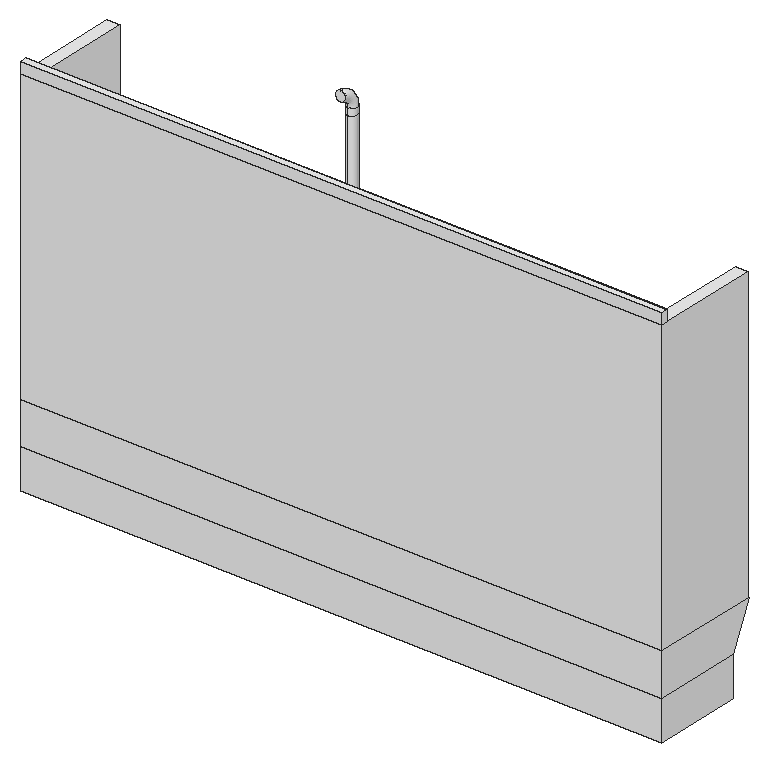
Revit family
Parameters (values of type "1800mm")
  Water Supply tube height = 200 mm
  Tap number = Length / 600 mm  # 3
  Material = Metal - Stainless Steel
  Manufacturer = "Revit"
  Length = 1800 mm
  Assembly Code = "D2010220"
Types (2, lengths in mm): name | Tap number | Length | Assembly Code
  1200mm | 2 | 1200 | ""
  1800mm | 3 | 1800 | "D2010220"
Reference planes
  plane 1: y = 0
  plane 2 "Center (Left/Right)": x = 125
  plane 3 "Back": y = 75
  plane 4: x = -775
  plane 5: x = 1025
  plane 6: z = 1050
  plane 7: z = 230
  plane 8: z = 110
  plane 9: z = 170
  plane 10: x = 625
  plane 11: x = -375
  plane 12: z = 1250
  plane 13: x = 2073.426
  plane 14: x = -357.946
Forms (mm)
  Extrusion 1, solid, material "Metal - Stainless Steel" <- "Material"
    sketch origin (0, 0, 0) x (1, 0, 0) y (0, 1, 0)
      loop
        line (989.438, 137.925) -> (-739.438, 137.925) -> (-739.438, 380) -> (-775, 380) -> (-775, 75) -> (1025, 75) -> (1025, 380) -> (989.438, 380) -> (989.438, 137.925)
    from 230 to 1050
  Extrusion 2, solid, material "Metal - Stainless Steel" <- "Material"
    sketch origin (0, 0, -1000) x (1, 0, 0) y (0, 1, 0)
      loop
        line (989.438, 137.925) -> (-739.438, 137.925) -> (-739.438, 325.85) -> (-775, 325.85) -> (-775, 75) -> (1025, 75) -> (1025, 325.85) -> (989.438, 325.85) -> (989.438, 137.925)
    from 1000 to 1110
  Blend 3, solid, material "Metal - Stainless Steel" <- "Material"
    base sketch origin (0, 0, 110) x (0, 1, 0) y (-1, 0, 0)
      loop
        line (75, 775) -> (75, -1025) -> (325.85, -1025) -> (325.85, -989.438) -> (137.925, -989.438) -> (137.925, 739.438) -> (325.85, 739.438) -> (325.85, 775) -> (75, 775)
    top sketch origin (0, 0, 110) x (0, 1, 0) y (-1, 0, 0)
      loop
        line (75, 775) -> (75, -1025) -> (380, -1025) -> (380, -989.438) -> (137.925, -989.438) -> (137.925, 739.438) -> (380, 739.438) -> (380, 775) -> (75, 775)
    from 0 to 120
  Extrusion 4, solid, material "Metal - Stainless Steel" <- "Material"
    sketch origin (989.438, 380, 1050) x (0, 0, -1) y (0, -1, 0)
      loop
        line (1050, 54.15) -> (1050, 64.15) -> (937.848, 64.15) -> (817.848, 10) -> (751.32, 10) -> (751.32, 0) -> (820, 0) -> (940, 54.15) -> (1050, 54.15)
    from 0 to 1728.876
  Extrusion 5, solid, material "Metal - Stainless Steel" <- "Material"
    sketch origin (0, 0, 110) x (0, 1, 0) y (1, 0, 0)
      loop
        circle (114.195, 125) r 14
    from -1140 to -940
  Sweep 6, solid, material "Metal - Stainless Steel" <- "Material"
    path origin (125, 0, 0) x (0, 1, 0) y (0, 0, 1)
      loop
        line (114.195, 1250) -> (114.195, 1270)
        arc (114.195, 1270) -> (102.715, 1297.715) -> (75, 1309.195) r 39.195
    profile origin (0, 0, 1260) x (0, -1, 0) y (1, 0, 0)
      loop
        circle (-114.195, 125) r 14
  Blend 7, solid, material "Metal - Stainless Steel" <- "Material"
    base sketch origin (989.438, 380, 1050) x (0, 0, -1) y (0, -1, 0)
      loop
        line (820, 10.971) -> (829.115, 15.084) -> (829.115, 242.075) -> (820, 242.075) -> (820, 10.971)
    top sketch origin (989.438, 380, 1050) x (0, 0, -1) y (0, -1, 0)
      loop
        line (880, 38.046) -> (880, 242.075) -> (870.885, 242.075) -> (870.885, 33.933) -> (880, 38.046)
    from 0 to 1728.876
  Extrusion 8, void
    sketch origin (0, 0, 110) x (1, 0, 0) y (0, 1, 0)
      loop
        circle (-626.574, 242.267) r 46.43
    from 0 to 164.514
  Extrusion 9, solid, material "Metal - Stainless Steel" <- "Material"
    sketch origin (0, 0, 0) x (1, 0, 0) y (0, 1, 0)
      loop
        line (-739.438, 315.85) -> (-739.438, 137.925) -> (989.438, 137.925) -> (989.438, 315.85) -> (-739.438, 315.85)
    from 0 to 18
  Extrusion 10, solid, material "Metal - Stainless Steel" <- "Material"
    sketch origin (989.438, 137.925, 1050) x (0, -1, 0) y (1, 0, 0)
      loop
        line (62.925, -1764.438) -> (62.925, 35.562) -> (42.925, 35.562) -> (42.925, -1764.438) -> (62.925, -1764.438)
    from 29.857 to 0
Cuts and joins
  Extrusion 8 cuts Extrusion 1
  Extrusion 8 cuts Extrusion 5
  Extrusion 8 cuts Blend 7
  Extrusion 8 cuts Blend 3
  Extrusion 8 cuts Extrusion 2
  Extrusion 8 cuts Extrusion 4
  Extrusion 8 cuts Sweep 6
Lines and regions (mm)
  symbolic lines
    curve 1: line (-775, 380, 0) -> (1025, 380, 0)
    curve 2: line (1025, 380, 0) -> (1025, 75, 0)
    curve 3: line (1025, 75, 0) -> (-775, 75, 0)
    curve 4: line (-775, 75, 0) -> (-775, 380, 0)
    curve 5: line (-739.438, 380, 0) -> (-739.438, 137.925, 0)
    curve 6: line (-739.438, 137.925, 0) -> (125, 137.925, 0)
    curve 7: line (125, 137.925, 0) -> (989.438, 137.925, 0)
    curve 8: line (989.438, 137.925, 0) -> (989.438, 380, 0)
    curve 9: line (-739.438, 325.85, 0) -> (989.438, 325.85, 0)
    curve 10: line (-739.438, 296.022, 0) -> (989.438, 296.022, 0)
    curve 11: line (-739.438, 190.134, 0) -> (989.438, 190.134, 0)
    curve 12: line (-739.438, 161.486, 0) -> (989.438, 161.486, 0)
    curve 13: arc (-580.144, 242.267, 0) -> (-626.574, 288.696, 0) -> (-673.004, 242.267, 0) r 46.43
    curve 14: arc (-673.004, 242.267, 0) -> (-626.574, 195.837, 0) -> (-580.144, 242.267, 0) r 46.43
    curve 15: arc (-657.946, 242.267, 0) -> (-626.574, 210.895, 0) -> (-595.203, 242.267, 0) r 31.372
    curve 16: arc (-595.203, 242.267, 0) -> (-626.574, 273.638, 0) -> (-657.946, 242.267, 0) r 31.372
    curve 17: line (-775, 95, 0) -> (1025, 95, 0)
    curve 18: circle (125, 114.901, 0) r 15 normal (0, 0, 1)
Text (mm)
  text "Placement side" at (-1787.139, 592.35, 0), in view "Ref. Level"
  text "Placement side" at (0, 1827.695, 2917.686), in view "Left"
  text "Placement side" at (0, 562.268, 3853.606), in view "Right"
Dimensions and locks
  locked: plane 3 "Back" to host wall at 0
  "Length": plane 4 to plane 5
  equal spacing: plane 4, plane 2 "Center (Left/Right)", plane 5
  locked: plane 10 to plane 5 at 400
  locked: plane 11 to plane 4 at 400
  equal spacing: group 2, group 3, group 1
  equal spacing: group 1, group 3, group 2  (x2)
  "Water Supply tube height": plane 6 to plane 12
  locked: Blend 7 sketch curve to Blend 7 sketch curve at 9.115  (x2)
  plane 4 to curve 14 to curve 16 = 101.996 mm locked, 15.058 mm locked
  locked: curve 4 to curve 5 at 35.562
  locked: curve 8 to curve 2 at 35.562
  aligned and locked: host wall to plane 1
  aligned and locked: Extrusion 1 to plane 6
  aligned and locked: plane 7 to Extrusion 1
  aligned and locked: Extrusion 2 to level
  aligned and locked: Extrusion 2 to plane 8
  aligned and locked: Extrusion 4 to cut or joined group of Extrusion 1, Extrusion 8  (x2)
  aligned and locked: plane 10 to nested 1
  aligned and locked: plane 11 to nested 2
  aligned and locked: plane 6 to Extrusion 5
  aligned and locked: Extrusion 5 to plane 12
  aligned and locked: Sweep 6 sketch curve to Extrusion 5
  aligned and locked: Blend 7 sketch curve to plane 9
  aligned and locked: Blend 7 sketch curve to plane 7
  aligned and locked: Blend 7 sketch curve to cut or joined group of Extrusion 1, Extrusion 8
  aligned and locked: cut or joined group of Extrusion 1, Extrusion 8 to Blend 7 sketch curve
  aligned and locked: Blend 7 to cut or joined group of Extrusion 1, Extrusion 8  (x2)
  aligned and locked: cut or joined group of Extrusion 1, Extrusion 8 to Extrusion 9 sketch curve  (x2)
  aligned and locked: Extrusion 9 sketch curve to cut or joined group of Extrusion 1, Extrusion 8
  aligned: Extrusion 9 to cut or joined group of Extrusion 1, Extrusion 8
  aligned and locked: nested 1 to cut or joined group of Extrusion 1, Extrusion 8
  aligned and locked: curve 4 to plane 4
  aligned and locked: curve 2 to plane 5
  aligned and locked: plane 3 "Back" to cut or joined group of Extrusion 1, Extrusion 8  (x2)
  aligned and locked: cut or joined group of Extrusion 1, Extrusion 8 to Extrusion 10 sketch curve
  aligned and locked: Extrusion 10 sketch curve to cut or joined group of Extrusion 1, Extrusion 8
  aligned and locked: curve 17 to Extrusion 10 sketch curve
  aligned and locked: Extrusion 10 sketch curve to plane 5
  aligned and locked: plane 6 to Extrusion 10
  aligned and locked: nested 2 to cut or joined group of Extrusion 1, Extrusion 8
Automatic sketch dimensions
  Extrusion 1 sketch curve to host wall = 0 mm
  Extrusion 1 sketch curve to plane 4 = 0 mm
  Extrusion 1 sketch curve to plane 5 = 0 mm
  Extrusion 1 sketch curve to plane 4 = 35.562 mm
  plane 5 to Extrusion 1 sketch curve = 35.562 mm
  host wall to Extrusion 1 sketch curve = 62.925 mm
  Extrusion 1 sketch curve to Extrusion 1 sketch curve = 242.075 mm  (x2)
  Extrusion 2 sketch curve to host wall = 0 mm
  Extrusion 2 sketch curve to plane 4 = 0 mm
  Extrusion 2 sketch curve to plane 5 = 0 mm
  Extrusion 2 sketch curve to plane 4 = 35.562 mm
  plane 5 to Extrusion 2 sketch curve = 35.562 mm
  host wall to Extrusion 2 sketch curve = 62.925 mm
  Extrusion 2 sketch curve to Extrusion 2 sketch curve = 187.925 mm  (x2)
  Blend 3 sketch curve to host wall = 0 mm  (x2)
  Blend 3 sketch curve to plane 5 = 0 mm  (x2)
  Blend 3 sketch curve to plane 4 = 0 mm  (x2)
  host wall to Blend 3 sketch curve = 62.925 mm  (x2)
  Blend 3 sketch curve to plane 4 = 35.562 mm  (x2)
  Blend 3 sketch curve to Blend 3 sketch curve = 187.925 mm  (x2)
  plane 5 to Blend 3 sketch curve = 35.562 mm  (x2)
  Blend 3 sketch curve to Blend 3 sketch curve = 242.075 mm  (x2)
  Extrusion 4 sketch curve to plane 7 = 0 mm
  Extrusion 4 sketch curve to plane 8 = 0 mm
  Extrusion 4 sketch curve to level = 0 mm
  Extrusion 4 sketch curve to plane 7 = 2.152 mm
  Extrusion 4 sketch curve to Extrusion 4 sketch curve = 66.528 mm
  Extrusion 4 sketch curve to plane 8 = 2.152 mm
  host wall to Extrusion 4 sketch curve = 305 mm
  Extrusion 4 sketch curve to Extrusion 4 sketch curve = 10 mm  (x2)
  Extrusion 4 sketch curve to Extrusion 4 sketch curve = 44.15 mm
  Extrusion 5 sketch curve to plane 2 "Center (Left/Right)" = 0 mm
  host wall to Extrusion 5 sketch curve = 39.195 mm
  Sweep 6 sketch curve to plane 3 "Back" = 0 mm
  Sweep 6 sketch curve to plane 12 = 0 mm
  Sweep 6 sketch curve to Sweep 6 sketch curve = 39.195 mm
  Sweep 6 sketch curve to plane 12 = 20 mm
  Extrusion 8 sketch curve to plane 4 = 101.996 mm
  Extrusion 8 sketch curve to Extrusion 8 sketch curve = 46.43 mm
  host wall to Extrusion 8 sketch curve = 167.267 mm
  Extrusion 9 sketch curve to Extrusion 9 sketch curve = 177.925 mm
  curve 13 to curve 14 = 0 mm  (x2)
  curve 13 to curve 15 = 0 mm  (x2)
  curve 13 to curve 16 = 0 mm  (x2)
  curve 14 to curve 15 = 0 mm  (x2)
  curve 14 to curve 16 = 0 mm  (x2)
  curve 15 to curve 16 = 0 mm  (x2)
  curve 7 to plane 2 "Center (Left/Right)" = 0 mm
  curve 18 to plane 2 "Center (Left/Right)" = 0 mm
  curve 3 to host wall = 0 mm
  curve 15 to curve 14 = 31.372 mm
  host wall to curve 17 = 20 mm
  host wall to curve 18 = 39.901 mm
  curve 17 to curve 8 = 42.925 mm
  curve 7 to curve 12 = 23.562 mm
  curve 12 to curve 11 = 28.648 mm
  curve 11 to curve 16 = 52.133 mm
  curve 14 to curve 10 = 53.755 mm
  curve 10 to curve 9 = 29.828 mm
  curve 9 to curve 5 = 54.15 mm
  radius of Extrusion 5 sketch curve = 14 mm
  radius of curve 18 = 15 mm
Nested families
  nested 1: "Urinal Tap" at (625, 152.925, 920), type "Urinal Tap"
  nested 2: "Urinal Tap" at (-375, 152.925, 920), type "Urinal Tap"
  nested 3: "Urinal Tap" at (125, 152.925, 920), type "Urinal Tap"
Definition of nested family "Urinal Tap"
  Parameters
    Material = none
  Reference planes
    plane 1 "Center (Front/Back)": y = 0
    plane 2: z = 0
    plane 3 "Center (Left/Right)": x = 0
    plane 4: x = -20
    plane 5: x = 20
    plane 6: x = 0
  Forms (mm)
    Extrusion 1, solid, material <- "Material"
      sketch origin (0, 0, 0) x (1, 0, 0) y (0, 0, 1)
        loop
          circle (0, 0) r 20
      from 0 to 15
  Dimensions and locks
    aligned and locked: plane 6 to plane 3 "Center (Left/Right)"
